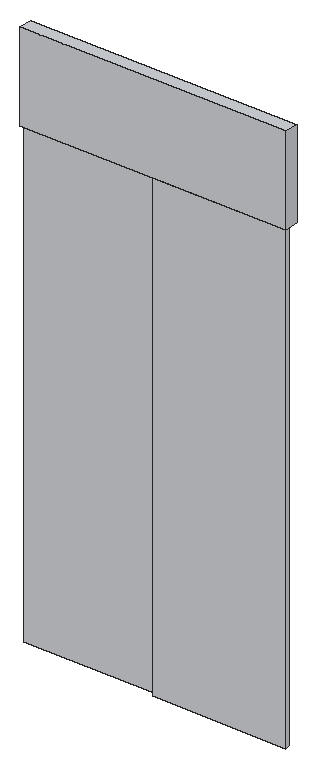
Revit family "Placard Portes Coulissantes", category Modèles génériques, Revit 2016
Family settings
  Type d'élément = Normal
  Peut héberger une armature = Non
  Cote de connecteur circulaire = Utiliser le diamètre
  Basée sur le plan de construction = Non
  Couper avec des vides une fois chargée = Non
  Partagée = Non
  Point de calcul de pièce = Oui
Parameters
  Profondeur placard = 500 mm
  built-in parameter 1001306 [instance] = 1200 mm
  Hauteur portes = 2100 mm
  Hauteur imposte = 400 mm
Reference planes
  plane 1 "Centre (avant/arrière)": y = 0
  plane 2: z = 0
  plane 3 "Gauche": x = 0
  plane 4 "Droite": x = 1200
  plane 5: z = 2500
  plane 6: x = 600
  plane 7: z = 2100
  plane 8: y = -20
  plane 9: y = -40
  plane 10: y = -60
  plane 11: y = 440
Forms (mm)
  Extrusion 1, solid
    sketch origin (0, -175, 0) x (1, 0, 0) y (0, 0, 1)
      loop
        line (0, 2100) -> (0, 0) -> (600, 0) -> (600, 2100) -> (0, 2100)
    from -155 to -135
  Extrusion 2, solid
    sketch origin (0, -120, 0) x (1, 0, 0) y (0, 0, 1)
      loop
        line (1200, 0) -> (1200, 2100) -> (600, 2100) -> (600, 0) -> (1200, 0)
    from -60 to -80
  Extrusion 3, solid
    sketch origin (0, 0, 0) x (1, 0, 0) y (0, 0, 1)
      loop
        line (0, 2500) -> (0, 2100) -> (1200, 2100) -> (1200, 2500) -> (0, 2500)
    from 0 to 60
Lines and regions (mm)
  reference lines
    curve 1: line (0, 0, 0) -> (1200, 0, 0)
  model lines
    curve 2: line (0, 440, 0) -> (1200, 440, 0)
    curve 3: line (0, -60, 0) -> (0, 440, 0)
    curve 4: line (1200, -60, 0) -> (0, -60, 0)
    curve 5: line (1200, 440, 0) -> (1200, -60, 0)
    curve 6: line (1200, 440, 0) -> (0, -60, 0)
    curve 7: line (1200, -60, 0) -> (0, 440, 0)
Dimensions and locks
  "built-in parameter 1001306": plane 3 "Gauche" to plane 4 "Droite"
  equal spacing: plane 4 "Droite", plane 6, plane 3 "Gauche"
  "Hauteur imposte": plane 5 to plane 7
  "Hauteur portes": plane 7 to level
  locked: plane 8 to plane 1 "Centre (avant/arrière)" at 20
  locked: plane 9 to plane 8 at 20
  locked: plane 10 to plane 9 at 20
  "Profondeur placard": plane 11 to plane 10
  aligned and locked: plane 4 "Droite" to curve 1
  aligned and locked: plane 1 "Centre (avant/arrière)" to curve 1
  aligned and locked: plane 3 "Gauche" to curve 1
  aligned and locked: level to plane 2
  aligned and locked: Extrusion 1 sketch curve to plane 7
  aligned and locked: plane 3 "Gauche" to Extrusion 1 sketch curve
  aligned and locked: Extrusion 1 sketch curve to curve 1
  aligned and locked: Extrusion 1 sketch curve to plane 6
  aligned and locked: Extrusion 2 sketch curve to curve 1
  aligned and locked: Extrusion 2 sketch curve to plane 4 "Droite"
  aligned and locked: Extrusion 2 sketch curve to plane 7
  aligned and locked: plane 6 to Extrusion 2 sketch curve
  aligned and locked: Extrusion 3 sketch curve to plane 5
  aligned and locked: plane 3 "Gauche" to Extrusion 3 sketch curve
  aligned and locked: plane 7 to Extrusion 3 sketch curve
  aligned and locked: Extrusion 3 sketch curve to plane 4 "Droite"
  aligned and locked: Extrusion 2 to plane 9
  aligned and locked: Extrusion 1 to plane 8
  aligned and locked: Extrusion 1 to plane 9
  aligned and locked: Extrusion 3 to plane 1 "Centre (avant/arrière)"
  aligned and locked: plane 10 to Extrusion 3
  aligned and locked: curve 2 to plane 11
  aligned and locked: plane 3 "Gauche" to curve 3
  aligned and locked: curve 4 to plane 10
  aligned and locked: curve 5 to plane 4 "Droite"
  aligned and locked: plane 10 to Extrusion 2
